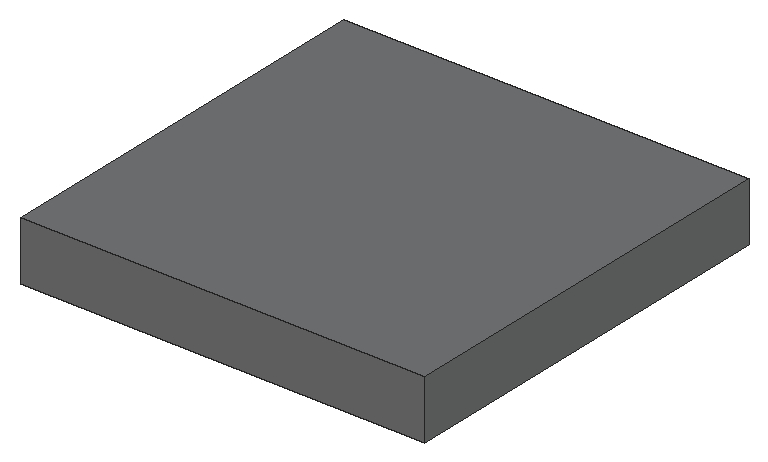
Revit family "Gira_536603", category Electrical Fixtures, host Face, Revit 2017
Family settings
  Host = Face
  Maintain Annotation Orientation = No
  Round Connector Dimension = Use Diameter
  Part Type = Normal
  Cut with Voids When Loaded = No
  Shared = No
  Room Calculation Point = No
Parameters (values of type "S3000 blind timer + timer Display System 55 p.white")
  With LED indication = "Yes"
  URL = "http://katalog.gira.de/en/datenblatt.html?artikelnr=536603"
  Transparent = "No"
  Suitable for application with venetian shutter switch = "Yes"
  Suitable for application with switch = "No"
  Suitable for application with dimmer = "No"
  Number of actuation points = "4"
  Name = "S3000 blind timer + timer Display System 55 p.white"
  Manufacturer URL = "https://www.gira.de/"
  Manufacturer = "Gira"
  Keynote = ""
  HeinzeBIM = "https://bimportal.heinze.de/bim/s3000-blind-timer-timer-display-system-55-p-white/41b37f97575e7815cbc06fc00cbd6a036c7fa9ec"
  HAN = "536603"
  GTIN = "4010337027447"
  Description = "S3000 blind tim. tim.Displ. Sys55 PW,System 3000 blind timer and timer Display,,pure white glossy,Features:,- Operation via capacitive sensor surface.,- Fast programming for adopting the current time as the programmed movement time switching time.,- Automatic summer winter time switchover, deactivatable.,- Switching at sunrise or sunset (astro function) adjustable for 18 countries.,- Astro time for sunrise and sunset can be individually adjusted by +-2 hours.,- The blocking function blocks operation of the auxiliary unit and deactivates automatic mode.,- The display turns off after 2 minutes, permanent display of time is possible.,- Programming of one raising and one lowering time or two switch-on and switch-off times for each day in week segments Mon-Fri and Sat+Sun."
  Default Elevation = 1219.2 mm
  Data sheet (1) = "https://katalog.gira.de/en/download.html?artikelnr=536603"
  Category = "Intelligent control element"
  BIM (1) = "https://media.stage.bim.site/public/gira/36a6b08/Sys55_Abdeckung_Schalten und Tasten.rfa?public/gira/36a6b08/Sys55_Abdeckung_Schalten und Tasten.rfa"
  Available = "No"
  Application = "Control of electrical users"
  Anthrazit [instance] = Anthrazit
Reference planes
  plane 1 "Center (Front/Back)": y = 0
  plane 2: z = 0
  plane 3 "Center (Left/Right)": x = 0
Forms (mm)
  Extrusion 1, solid, material "Anthrazit" <- "Anthrazit", detail levels fine
    sketch origin (0, 0, 0) x (1, 0, 0) y (0, 1, 0)
      loop
        line (-27.5, 27.5) -> (-27.5, -27.5) -> (27.5, -27.5) -> (27.5, 27.5) -> (-27.5, 27.5)
    from 0 to 8
  Extrusion 2, void
    sketch origin (0, 0, 0) x (1, 0, 0) y (0, 1, 0)
      loop
        line (26, 26) -> (-26, 26) -> (-26, -26) -> (26, -26) -> (26, 26)
    from 0 to 6
  Extrusion 3, solid, material "Anthrazit" <- "Anthrazit", detail levels medium
    sketch origin (0, 0, 0) x (1, 0, 0) y (0, 1, 0)
      loop
        line (-27.5, 27.5) -> (-27.5, -27.5) -> (27.5, -27.5) -> (27.5, 27.5) -> (-27.5, 27.5)
    from 0 to 8
  Extrusion 4, solid, material "Anthrazit" <- "Anthrazit", detail levels medium
    sketch origin (0, 0, 0) x (1, 0, 0) y (0, 1, 0)
      loop
        line (11, -17.5) -> (11, 17.5) -> (-11, 17.5) -> (-11, -17.5) -> (11, -17.5)
    from -6 to 6
  Extrusion 5, solid, material "Anthrazit" <- "Anthrazit", detail levels fine
    sketch origin (0, 0, 0) x (1, 0, 0) y (0, 1, 0)
      loop
        line (11, 17.5) -> (-11, 17.5) -> (-11, 16.5) -> (11, 16.5) -> (11, 17.5)
      loop
        line (-11, -16.5) -> (-11, -17.5) -> (11, -17.5) -> (11, -16.5) -> (-11, -16.5)
    from -4 to 6
  Extrusion 6, solid, material "Anthrazit" <- "Anthrazit", detail levels fine
    sketch origin (0, 0, 0) x (1, 0, 0) y (0, 1, 0)
      loop
        arc (5, 9.347) -> (0, 10.6) -> (-5, 9.347) r 10.6
        line (-5, 9.347) -> (-5, -9.347)
        arc (-5, -9.347) -> (0, -10.6) -> (5, -9.347) r 10.6
        line (5, -9.347) -> (5, 9.347)
    from -6 to 6
  Extrusion 7, solid, material "Anthrazit" <- "Anthrazit", detail levels coarse
    sketch origin (0, 0, 0) x (1, 0, 0) y (0, 1, 0)
      loop
        line (-27.5, 27.5) -> (-27.5, -27.5) -> (27.5, -27.5) -> (27.5, 27.5) -> (-27.5, 27.5)
    from -6 to 8
Cuts and joins
  Extrusion 2 cuts Extrusion 1
Dimensions and locks
  aligned and locked: plane 2 to host face
  aligned and locked: level to host face
